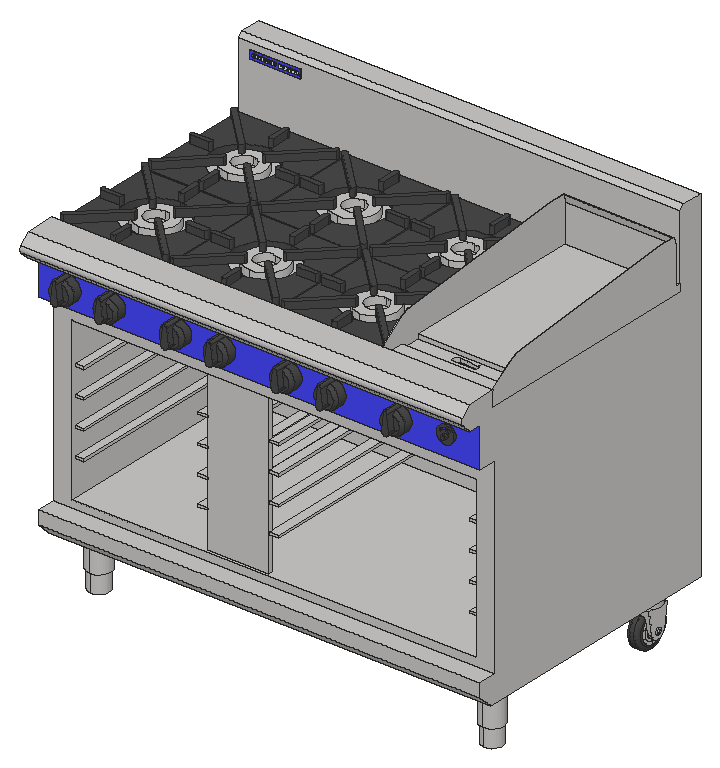
Revit family "QF_MOFFAT_BLUESEAL_CE_G518C-CB", category Specialty Equipment, Revit 2012
Parameters
  Weight in Pounds = 435  # constant formula
  URL Cutsheet = "www.moffat.com"
  URL = "www.moffat.com"
  Type Mark [instance] = ""
  Status [instance] = ""
  Specification by User [instance] = ""
  Specification by Manufacturer = ""
  Show Logo [instance] = yes
  Show Casters [instance] = yes
  Serial Number = ""
  Seismic Rating = ""
  SMACNA No = ""
  Revision Code [instance] = ""
  Omniclass Number and Title = ""
  NAFEM Spec ID Number = ""
  Model = "G518C-CB"
  Mechanical Remarks [instance] = ""
  Mechanical Connection Type [instance] = ""
  Masterspec = ""
  Manufacturer = "MOFFAT BLUESEAL"
  Legs [instance] = not(Show Casters)  # no
  Item Number [instance] = ""
  Installed By [instance] = ""
  Identify Quantity as Lot [instance] = yes
  Gas Size = 3/4"
  Gas RI Height [instance] = 0.0 mm
  Gas KW [instance] = 48
  Gas Input [instance] = 165000.0 Btu/h
  Gas Connection Height = 0.0 mm
  Furnished By [instance] = ""
  Foodservice Equipment Identifier [instance] = yes
  Description = "1200MM GAS COOK TOP ON CABINET BASE"
  CSI MasterFormat = ""
  CSI Master Format = ""
  Body Height [instance] = 915.0 mm
  Base Height [instance] = 150.0 mm
Reference planes
  plane 1 "BACK": y = 0
  plane 2: z = 0
  plane 3 "LEFT": x = 0
  plane 4 "RIGHT": x = 1200
  plane 5 "FRONT": y = -812
  plane 6 "TOP": z = 970
  plane 7 "Center Y": x = 600
  plane 8 "Center X": y = -406
  plane 9 "Base Height": z = 150
  plane 10: x = 1134
  plane 11: x = 65
  plane 12: z = 915
  plane 13: z = 1085
  plane 14: y = -100
  plane 15: y = -625
Forms (mm)
  Extrusion 1, solid, material "QF_Finishes_Stainless Steel"
    sketch origin (0, 0, 0) x (0, 1, 0) y (0, 0, 1)
      loop
        line (0, 150) -> (0, 1085) -> (-57.5, 1085) -> (-70, 1072.5) -> (-70, 875) -> (-705, 875) -> (-705, 915) -> (-783.97, 915) -> (-808.485, 890.485)
        arc (-808.485, 890.485) -> (-811.999, 882) -> (-808.485, 873.515) r 12
        line (-808.485, 873.515) -> (-784.97, 850) -> (-749, 850) -> (-749, 740) -> (-135.7, 740) -> (-135.7, 150) -> (0, 150)
      loop
        line (-699, 222.5) -> (-749, 222.5) -> (-749, 186) -> (-713, 150) -> (-699, 150) -> (-699, 222.5)
    from 0 to 1200
  Extrusion 2, solid, material "QF_Finishes_Stainless Steel"
    sketch origin (705, 3, 100) x (1, 0, 0) y (0, 1, 0)
      loop
        circle (365, -35) r 13.5
    from 555 to 599.856
  Revolve 3, solid, material "QF_Finishes_Black"
    sketch origin (89.999, 7, 759.972) x (0, 1, 0) y (0, 0, -1)
      loop
        line (-789, -69.5) -> (-766, -69.5) -> (-766, -42) -> (-756, -42) -> (-756, -37) -> (-800, -37) -> (-800, -63.651) -> (-789, -69.5)
      axis (-800, -37) -> (-756, -37)
    angle from 0 to 360
  Extrusion 4, solid, material "QF_Finishes_Black"
    sketch origin (228.269, 0, 760.13) x (-1, 0, 0) y (0, 0, -1)
      loop
        line (127.85, -26.064) -> (133.27, -68.983)
        arc (133.27, -68.983) -> (138.269, -73.87) -> (143.267, -68.983) r 5
        line (143.267, -68.983) -> (148.756, -24.898)
        arc (148.756, -24.898) -> (137.684, -14.399) -> (127.85, -26.064) r 10.487
    from 759 to 808
  Revolve 5, solid, material "QF_Finishes_Stainless Steel"
    sketch origin (65, -728, 0) x (0, 1, 0) y (0, 0, 1)
      loop
        line (71.25, 150) -> (71.25, 50) -> (75.5, 50) -> (75.5, 0) -> (103, 0) -> (103, 150) -> (71.25, 150)
      axis (103, 150) -> (103, 0)
    angle from 0 to 360
  Revolve 6, solid, material "QF_Finishes_Stainless Steel"
    sketch origin (1134, -728, 0) x (0, 1, 0) y (0, 0, -1)
      loop
        line (71.25, -150) -> (103, -150) -> (103, 0) -> (75.5, 0) -> (75.5, -50) -> (71.25, -50) -> (71.25, -150)
      axis (103, -150) -> (103, 0)
    angle from 0 to 360
  Extrusion 7, solid, material "QF_Finishes_Stainless Steel"
    sketch origin (0, 0, 0) x (1, 0, 0) y (0, 0, 1)
      loop
        line (0, 740) -> (0, 150) -> (1200, 150) -> (1200, 740) -> (0, 740)
      loop
        line (50, 680) -> (50, 242.5) -> (1150, 242.5) -> (1150, 680) -> (50, 680)
    from 135.7 to 699
  Extrusion 8, void
    sketch origin (0, 0, 150) x (-1, 0, 0) y (0, -1, 0)
      loop
        line (-1133.988, 87.26) -> (-1133.988, -30.24) -> (-1004.488, -30.24) -> (-1004.488, 38.76) -> (-1052.988, 87.26) -> (-1133.988, 87.26)
    from 72.5 to 549.856
  Extrusion 9, solid, material "QF_Finishes_Stainless Steel"
    sketch origin (0, -135.7, 735) x (0, 0, 1) y (-1, 0, 0)
      loop
        line (-50, -578.5) -> (-50, -412.5) -> (-492.5, -412.5) -> (-492.5, -578.5) -> (-50, -578.5)
    from 543.302 to 553.302
  Extrusion 10, solid, material "QF_Finishes_Stainless Steel"
    sketch origin (0, -135.7, 735) x (0, 0, 1) y (-1, 0, 0)
      loop
        line (-246.25, -410.75) -> (-239.9, -410.75) -> (-239.9, -385.75) -> (-246.25, -385.75) -> (-246.25, -410.75)
      loop
        line (-321.25, -410.75) -> (-314.9, -410.75) -> (-314.9, -385.75) -> (-321.25, -385.75) -> (-321.25, -410.75)
      loop
        line (-321.25, -50) -> (-321.25, -75) -> (-314.9, -75) -> (-314.9, -50) -> (-321.25, -50)
      loop
        line (-239.9, -75) -> (-239.9, -50) -> (-246.25, -50) -> (-246.25, -75) -> (-239.9, -75)
      loop
        line (-396.25, -410.75) -> (-389.9, -410.75) -> (-389.9, -385.75) -> (-396.25, -385.75) -> (-396.25, -410.75)
      loop
        line (-396.25, -50) -> (-396.25, -75) -> (-389.9, -75) -> (-389.9, -50) -> (-396.25, -50)
      loop
        line (-171.25, -410.75) -> (-164.9, -410.75) -> (-164.9, -385.75) -> (-171.25, -385.75) -> (-171.25, -410.75)
      loop
        line (-164.9, -75) -> (-164.9, -50) -> (-171.25, -50) -> (-171.25, -75) -> (-164.9, -75)
      loop
        line (-246.25, -579.25) -> (-246.25, -604.25) -> (-239.9, -604.25) -> (-239.9, -579.25) -> (-246.25, -579.25)
      loop
        line (-321.25, -579.25) -> (-321.25, -604.25) -> (-314.9, -604.25) -> (-314.9, -579.25) -> (-321.25, -579.25)
      loop
        line (-321.25, -1150) -> (-314.9, -1150) -> (-314.9, -1125) -> (-321.25, -1125) -> (-321.25, -1150)
      loop
        line (-239.9, -1125) -> (-246.25, -1125) -> (-246.25, -1150) -> (-239.9, -1150) -> (-239.9, -1125)
      loop
        line (-396.25, -579.25) -> (-396.25, -604.25) -> (-389.9, -604.25) -> (-389.9, -579.25) -> (-396.25, -579.25)
      loop
        line (-396.25, -1150) -> (-389.9, -1150) -> (-389.9, -1125) -> (-396.25, -1125) -> (-396.25, -1150)
      loop
        line (-171.25, -579.25) -> (-171.25, -604.25) -> (-164.9, -604.25) -> (-164.9, -579.25) -> (-171.25, -579.25)
      loop
        line (-164.9, -1125) -> (-171.25, -1125) -> (-171.25, -1150) -> (-164.9, -1150) -> (-164.9, -1125)
    from 0 to 553.302
  Revolve 11, solid, material "QF_Finishes_Black"
    sketch origin (510.001, 7, 760.028) x (0, 1, 0) y (0, 0, -1)
      loop
        line (-789, -69.5) -> (-766, -69.5) -> (-766, -42) -> (-756, -42) -> (-756, -37) -> (-800, -37) -> (-800, -63.651) -> (-789, -69.5)
      axis (-800, -37) -> (-756, -37)
    angle from 0 to 360
  Extrusion 12, solid, material "QF_Finishes_Black"
    sketch origin (648.27, 0, 760.186) x (-1, 0, 0) y (0, 0, -1)
      loop
        line (127.85, -26.064) -> (133.27, -68.983)
        arc (133.27, -68.983) -> (138.269, -73.87) -> (143.267, -68.983) r 5
        line (143.267, -68.983) -> (148.756, -24.898)
        arc (148.756, -24.898) -> (137.684, -14.399) -> (127.85, -26.064) r 10.487
    from 759 to 808
  Revolve 13, solid, material "QF_Finishes_Black"
    sketch origin (390, 7, 760) x (0, 1, 0) y (0, 0, -1)
      loop
        line (-789, -69.5) -> (-766, -69.5) -> (-766, -42) -> (-756, -42) -> (-756, -37) -> (-800, -37) -> (-800, -63.651) -> (-789, -69.5)
      axis (-800, -37) -> (-756, -37)
    angle from 0 to 360
  Extrusion 14, solid, material "QF_Finishes_Black"
    sketch origin (528.27, 0, 760.158) x (-1, 0, 0) y (0, 0, -1)
      loop
        line (127.85, -26.064) -> (133.27, -68.983)
        arc (133.27, -68.983) -> (138.269, -73.87) -> (143.267, -68.983) r 5
        line (143.267, -68.983) -> (148.756, -24.898)
        arc (148.756, -24.898) -> (137.684, -14.399) -> (127.85, -26.064) r 10.487
    from 759 to 808
  Revolve 15, solid, material "QF_Finishes_Black"
    sketch origin (690, 7, 760) x (0, 1, 0) y (0, 0, -1)
      loop
        line (-789, -69.5) -> (-766, -69.5) -> (-766, -42) -> (-756, -42) -> (-756, -37) -> (-800, -37) -> (-800, -63.651) -> (-789, -69.5)
      axis (-800, -37) -> (-756, -37)
    angle from 0 to 360
  Extrusion 16, solid, material "QF_Finishes_Black"
    sketch origin (828.27, 0, 760.158) x (-1, 0, 0) y (0, 0, -1)
      loop
        line (127.85, -26.064) -> (133.27, -68.983)
        arc (133.27, -68.983) -> (138.269, -73.87) -> (143.267, -68.983) r 5
        line (143.267, -68.983) -> (148.756, -24.898)
        arc (148.756, -24.898) -> (137.684, -14.399) -> (127.85, -26.064) r 10.487
    from 759 to 808
  Revolve 17, solid, material "QF_Finishes_Black"
    sketch origin (990, 7, 760) x (0, 1, 0) y (0, 0, -1)
      loop
        line (-789, -69.5) -> (-766, -69.5) -> (-766, -42) -> (-756, -42) -> (-756, -37) -> (-800, -37) -> (-800, -63.651) -> (-789, -69.5)
      axis (-800, -37) -> (-756, -37)
    angle from 0 to 360
  Extrusion 18, solid, material "QF_Finishes_Black"
    sketch origin (1128.27, 0, 760.158) x (-1, 0, 0) y (0, 0, -1)
      loop
        line (127.85, -26.064) -> (133.27, -68.983)
        arc (133.27, -68.983) -> (138.269, -73.87) -> (143.267, -68.983) r 5
        line (143.267, -68.983) -> (148.756, -24.898)
        arc (148.756, -24.898) -> (137.684, -14.399) -> (127.85, -26.064) r 10.487
    from 759 to 808
  Revolve 19, solid, material "QF_Finishes_Stainless Steel", visible <- "Legs"
    sketch origin (65.5, -166, 0) x (0, 1, 0) y (0, 0, 1)
      loop
        line (34.25, 150) -> (34.25, 50) -> (38.5, 50) -> (38.5, 0) -> (66, 0) -> (66, 150) -> (34.25, 150)
      axis (66, 150) -> (66, 0)
    angle from 0 to 360
  Revolve 20, solid, material "QF_Finishes_Stainless Steel", visible <- "Show Casters"
    sketch origin (16.276, -100.755, -12.8) x (1, 0, 0) y (0, 0, 1)
      loop
        line (14.841, 63.604) -> (83.584, 63.604) -> (83.584, 67.109) -> (82.314, 68.379) -> (80.79, 68.379) -> (80.79, 71.826) -> (68.644, 71.826) -> (68.644, 81.79) -> (65.088, 83.843) -> (63.738, 92.179) -> (65.881, 92.179) -> (65.881, 98.529) -> (65.088, 98.529) -> (65.088, 104.879)
        arc (65.088, 104.879) -> (62.298, 111.614) -> (55.563, 114.404) r 9.525
        line (55.563, 114.404) -> (42.863, 114.404)
        arc (42.863, 114.404) -> (36.127, 111.614) -> (33.338, 104.879) r 9.525
        line (33.338, 104.879) -> (33.338, 98.529) -> (32.544, 98.529) -> (32.544, 92.179) -> (34.687, 92.179) -> (33.352, 83.932) -> (29.782, 81.871) -> (29.782, 71.826) -> (17.635, 71.826) -> (17.635, 68.379) -> (16.111, 68.379) -> (14.841, 67.109) -> (14.841, 63.604)
      axis (14.841, 63.604) -> (83.584, 63.604)
    angle from 0 to 360
  Extrusion 21, solid, material "QF_Finishes_Stainless Steel", visible <- "Show Casters"
    sketch origin (72.001, 132.353, -8.783) x (0, 1, 0) y (0, 0, 1)
      loop
        line (-200.603, 118.783) -> (-264.103, 118.783) -> (-251.746, 53.895)
        arc (-251.746, 53.895) -> (-232.353, 38.783) -> (-212.959, 53.895) r 20
        line (-212.959, 53.895) -> (-200.603, 118.783)
    from -35.667 to 22.923
  Revolve 22, solid, material "QF_Finishes_Stainless Steel", visible <- "Show Casters"
    sketch origin (65.5, -204, 0) x (0, 1, 0) y (0, 0, 1)
      loop
        line (68.25, 150) -> (68.25, 110) -> (104, 110) -> (104, 150) -> (68.25, 150)
      axis (104, 150) -> (104, 110)
    angle from 0 to 360
  Revolve 23, solid, material "QF_Finishes_Stainless Steel", visible <- "Legs"
    sketch origin (65.5, -166, 0) x (0, 1, 0) y (0, 0, 1)
      loop
        line (34.25, 150) -> (34.25, 50) -> (38.5, 50) -> (38.5, 0) -> (66, 0) -> (66, 150) -> (34.25, 150)
      axis (66, 150) -> (66, 0)
    angle from 0 to 360
  Revolve 24, solid, material "QF_Finishes_Stainless Steel", visible <- "Legs"
    sketch origin (1134.5, -166, 0) x (0, 1, 0) y (0, 0, -1)
      loop
        line (34.25, -150) -> (66, -150) -> (66, 0) -> (38.5, 0) -> (38.5, -50) -> (34.25, -50) -> (34.25, -150)
      axis (66, -150) -> (66, 0)
    angle from 0 to 360
  Revolve 25, solid, material "QF_Finishes_Stainless Steel", visible <- "Show Casters"
    sketch origin (1183.724, -100.755, -12.8) x (-1, 0, 0) y (0, 0, -1)
      loop
        line (14.841, -63.604) -> (14.841, -67.109) -> (16.111, -68.379) -> (17.635, -68.379) -> (17.635, -71.826) -> (29.782, -71.826) -> (29.782, -81.871) -> (33.352, -83.932) -> (34.687, -92.179) -> (32.544, -92.179) -> (32.544, -98.529) -> (33.338, -98.529) -> (33.338, -104.879)
        arc (33.338, -104.879) -> (36.127, -111.614) -> (42.863, -114.404) r 9.525
        line (42.863, -114.404) -> (55.563, -114.404)
        arc (55.563, -114.404) -> (62.298, -111.614) -> (65.088, -104.879) r 9.525
        line (65.088, -104.879) -> (65.088, -98.529) -> (65.881, -98.529) -> (65.881, -92.179) -> (63.738, -92.179) -> (65.088, -83.843) -> (68.644, -81.79) -> (68.644, -71.826) -> (80.79, -71.826) -> (80.79, -68.379) -> (82.314, -68.379) -> (83.584, -67.109) -> (83.584, -63.604) -> (14.841, -63.604)
      axis (14.841, -63.604) -> (83.584, -63.604)
    angle from 0 to 360
  Extrusion 26, solid, material "QF_Finishes_Stainless Steel", visible <- "Show Casters"
    sketch origin (1127.999, 132.353, -8.783) x (0, 1, 0) y (0, 0, -1)
      loop
        line (-200.603, -118.783) -> (-212.959, -53.895)
        arc (-212.959, -53.895) -> (-232.353, -38.783) -> (-251.746, -53.895) r 20
        line (-251.746, -53.895) -> (-264.103, -118.783) -> (-200.603, -118.783)
    from -35.667 to 22.923
  Revolve 27, solid, material "QF_Finishes_Stainless Steel", visible <- "Show Casters"
    sketch origin (1134.5, -204, 0) x (0, 1, 0) y (0, 0, -1)
      loop
        line (68.25, -150) -> (104, -150) -> (104, -110) -> (68.25, -110) -> (68.25, -150)
      axis (104, -150) -> (104, -110)
    angle from 0 to 360
  Revolve 28, solid, material "QF_Finishes_Stainless Steel", visible <- "Legs"
    sketch origin (1134.5, -166, 0) x (0, 1, 0) y (0, 0, -1)
      loop
        line (34.25, -150) -> (66, -150) -> (66, 0) -> (38.5, 0) -> (38.5, -50) -> (34.25, -50) -> (34.25, -150)
      axis (66, -150) -> (66, 0)
    angle from 0 to 360
  Extrusion 29, solid, material "QF_Finishes_Black"
    sketch origin (0, -749, 850) x (0, 0, -1) y (1, 0, 0)
      loop
        circle (53, 1110) r 23.9
      loop
        arc (45.641, 1118.419) -> (46.501, 1123.219) -> (41.701, 1124.079) r 3.448
        arc (41.701, 1124.079) -> (35.116, 1109.341) -> (42.919, 1095.209) r 18.095
        arc (42.919, 1095.209) -> (47.641, 1096.491) -> (46.326, 1101.204) r 3.448
        arc (46.326, 1101.204) -> (42.758, 1109.683) -> (45.641, 1118.419) r 13.109
    from 0 to 5
  Extrusion 30, solid, material "QF_Finishes_Black"
    sketch origin (0, -754, 850) x (0, 0, -1) y (1, 0, 0)
      loop
        circle (56.5, 1110) r 5.75
    from 0 to 10
  Revolve 31, solid, material "QF_Finishes_Black"
    sketch origin (210, 7, 760) x (0, 1, 0) y (0, 0, -1)
      loop
        line (-789, -69.5) -> (-766, -69.5) -> (-766, -42) -> (-756, -42) -> (-756, -37) -> (-800, -37) -> (-800, -63.651) -> (-789, -69.5)
      axis (-800, -37) -> (-756, -37)
    angle from 0 to 360
  Extrusion 32, solid, material "QF_Finishes_Black"
    sketch origin (348.27, 0, 760.158) x (-1, 0, 0) y (0, 0, -1)
      loop
        line (127.85, -26.064) -> (133.27, -68.983)
        arc (133.27, -68.983) -> (138.269, -73.87) -> (143.267, -68.983) r 5
        line (143.267, -68.983) -> (148.756, -24.898)
        arc (148.756, -24.898) -> (137.684, -14.399) -> (127.85, -26.064) r 10.487
    from 759 to 808
  Revolve 33, solid, material "QF_Finishes_Black"
    sketch origin (810.001, 7, 760.028) x (0, 1, 0) y (0, 0, -1)
      loop
        line (-789, -69.5) -> (-766, -69.5) -> (-766, -42) -> (-756, -42) -> (-756, -37) -> (-800, -37) -> (-800, -63.651) -> (-789, -69.5)
      axis (-800, -37) -> (-756, -37)
    angle from 0 to 360
  Extrusion 34, solid, material "QF_Finishes_Black"
    sketch origin (948.27, 0, 760.186) x (-1, 0, 0) y (0, 0, -1)
      loop
        line (127.85, -26.064) -> (133.27, -68.983)
        arc (133.27, -68.983) -> (138.269, -73.87) -> (143.267, -68.983) r 5
        line (143.267, -68.983) -> (148.756, -24.898)
        arc (148.756, -24.898) -> (137.684, -14.399) -> (127.85, -26.064) r 10.487
    from 759 to 808
Cuts and joins
  Extrusion 8 cuts Extrusion 1
  joined: Extrusion 1, Extrusion 7
Lines and regions (mm)
  Split face 1
    outline origin (1200, 0, 1085) x (-1, 0, 0) y (0, -1, 0)
      loop
        arc (1167.206, 18.385) -> (1175.866, 23.385) -> (1175.866, 33.385) r 10
        line (1175.866, 33.385) -> (1171.824, 40.385)
        arc (1171.824, 40.385) -> (1168.164, 44.045) -> (1163.164, 45.385) r 10
        line (1163.164, 45.385) -> (935.206, 45.385)
        arc (935.206, 45.385) -> (926.545, 40.385) -> (926.545, 30.385) r 10
        line (926.545, 30.385) -> (930.587, 23.385)
        arc (930.587, 23.385) -> (934.247, 19.725) -> (939.247, 18.385) r 10
        line (939.247, 18.385) -> (1167.206, 18.385)
  Split face 2
    outline origin (1200, 0, 1085) x (-1, 0, 0) y (0, -1, 0)
      loop
        arc (35.206, 45.385) -> (26.545, 40.385) -> (26.545, 30.385) r 10
        line (26.545, 30.385) -> (30.587, 23.385)
        arc (30.587, 23.385) -> (34.247, 19.725) -> (39.247, 18.385) r 10
        line (39.247, 18.385) -> (267.206, 18.385)
        arc (267.206, 18.385) -> (275.866, 23.385) -> (275.866, 33.385) r 10
        line (275.866, 33.385) -> (271.824, 40.385)
        arc (271.824, 40.385) -> (268.164, 44.045) -> (263.164, 45.385) r 10
        line (263.164, 45.385) -> (35.206, 45.385)
  Split face 3
    outline origin (1200, 0, 1085) x (-1, 0, 0) y (0, -1, 0)
      loop
        arc (335.206, 45.385) -> (326.545, 40.385) -> (326.545, 30.385) r 10
        line (326.545, 30.385) -> (330.587, 23.385)
        arc (330.587, 23.385) -> (334.247, 19.725) -> (339.247, 18.385) r 10
        line (339.247, 18.385) -> (567.206, 18.385)
        arc (567.206, 18.385) -> (575.866, 23.385) -> (575.866, 33.385) r 10
        line (575.866, 33.385) -> (571.824, 40.385)
        arc (571.824, 40.385) -> (568.164, 44.045) -> (563.164, 45.385) r 10
        line (563.164, 45.385) -> (335.206, 45.385)
  Split face 4
    outline origin (1200, 0, 1085) x (-1, 0, 0) y (0, -1, 0)
      loop
        arc (867.206, 18.385) -> (875.866, 23.385) -> (875.866, 33.385) r 10
        line (875.866, 33.385) -> (871.824, 40.385)
        arc (871.824, 40.385) -> (868.164, 44.045) -> (863.164, 45.385) r 10
        line (863.164, 45.385) -> (635.206, 45.385)
        arc (635.206, 45.385) -> (626.545, 40.385) -> (626.545, 30.385) r 10
        line (626.545, 30.385) -> (630.587, 23.385)
        arc (630.587, 23.385) -> (634.247, 19.725) -> (639.247, 18.385) r 10
        line (639.247, 18.385) -> (867.206, 18.385)
  symbolic lines
    curve 1: line (1200, -812, 0) -> (1200, 0, 0)
    curve 2: line (0, -812, 0) -> (1200, -812, 0)
    curve 3: line (0, 0, 0) -> (0, -812, 0)
    curve 12: line (632.794, -18.385, 0) -> (860.753, -18.385, 0)
    curve 13: line (560.753, -18.385, 0) -> (332.794, -18.385, 0)
    curve 14: arc (332.794, -18.385, 0) -> (324.134, -23.385, 0) -> (324.134, -33.385, 0) r 10
    curve 15: line (324.134, -33.385, 0) -> (328.176, -40.385, 0)
    curve 16: arc (328.176, -40.385, 0) -> (331.836, -44.045, 0) -> (336.836, -45.385, 0) r 10
    curve 17: line (336.836, -45.385, 0) -> (564.794, -45.385, 0)
    curve 18: arc (564.794, -45.385, 0) -> (573.455, -40.385, 0) -> (573.455, -30.385, 0) r 10
    curve 19: line (573.455, -30.385, 0) -> (569.413, -23.385, 0)
    curve 20: arc (569.413, -23.385, 0) -> (565.753, -19.725, 0) -> (560.753, -18.385, 0) r 10
    curve 21: line (32.794, -18.385, 0) -> (260.753, -18.385, 0)
    curve 22: arc (260.753, -18.385, 0) -> (265.753, -19.725, 0) -> (269.413, -23.385, 0) r 10
    curve 23: line (269.413, -23.385, 0) -> (273.455, -30.385, 0)
    curve 24: arc (273.455, -30.385, 0) -> (273.455, -40.385, 0) -> (264.794, -45.385, 0) r 10
    curve 25: line (264.794, -45.385, 0) -> (36.836, -45.385, 0)
    curve 26: arc (36.836, -45.385, 0) -> (31.836, -44.045, 0) -> (28.176, -40.385, 0) r 10
    curve 27: line (28.176, -40.385, 0) -> (24.134, -33.385, 0)
    curve 28: arc (24.134, -33.385, 0) -> (24.134, -23.385, 0) -> (32.794, -18.385, 0) r 10
    curve 29: line (932.794, -18.385, 0) -> (1160.753, -18.385, 0)
    curve 30: arc (1160.753, -18.385, 0) -> (1165.753, -19.725, 0) -> (1169.413, -23.385, 0) r 10
    curve 31: line (1169.413, -23.385, 0) -> (1173.455, -30.385, 0)
    curve 32: arc (1173.455, -30.385, 0) -> (1173.455, -40.385, 0) -> (1164.794, -45.385, 0) r 10
    curve 33: line (1164.794, -45.385, 0) -> (936.836, -45.385, 0)
    curve 34: arc (936.836, -45.385, 0) -> (931.836, -44.045, 0) -> (928.176, -40.385, 0) r 10
    curve 35: line (928.176, -40.385, 0) -> (924.134, -33.385, 0)
    curve 36: arc (924.134, -33.385, 0) -> (924.134, -23.385, 0) -> (932.794, -18.385, 0) r 10
    curve 37: line (636.836, -45.385, 0) -> (864.794, -45.385, 0)
    curve 38: arc (864.794, -45.385, 0) -> (873.455, -40.385, 0) -> (873.455, -30.385, 0) r 10
    curve 39: line (873.455, -30.385, 0) -> (869.413, -23.385, 0)
    curve 40: arc (869.413, -23.385, 0) -> (865.753, -19.725, 0) -> (860.753, -18.385, 0) r 10
    curve 41: line (860.753, -18.385, 0) -> (632.794, -18.385, 0)
    curve 42: arc (632.794, -18.385, 0) -> (624.134, -23.385, 0) -> (624.134, -33.385, 0) r 10
    curve 43: line (624.134, -33.385, 0) -> (628.176, -40.385, 0)
    curve 44: arc (628.176, -40.385, 0) -> (631.836, -44.045, 0) -> (636.836, -45.385, 0) r 10
    curve 45: line (0, 0, 0) -> (1200, 0, 0)
    curve 46: line (0, -783.97, 0) -> (1200, -783.97, 0)
    curve 47: line (-1, -705, 0) -> (1199, -705, 0)
    curve 48: line (0, -70, 0) -> (1200, -70, 0)
    curve 49: line (0, -57.5, 0) -> (1200, -57.5, 0)
  symbolic lines, style "SpecialityEquipmentHiddenLines", visible <- "Show Casters"
    curve 4: line (78.456, -46.735, 0) -> (105.952, -62.61, 0)
    curve 5: line (27.656, -134.723, 0) -> (78.456, -46.735, 0)
    curve 6: line (55.152, -150.598, 0) -> (27.656, -134.723, 0)
    curve 7: line (105.952, -62.61, 0) -> (55.152, -150.598, 0)
    curve 8: line (1148.456, -46.735, 0) -> (1175.952, -62.61, 0)
    curve 9: line (1097.656, -134.723, 0) -> (1148.456, -46.735, 0)
    curve 10: line (1125.152, -150.598, 0) -> (1097.656, -134.723, 0)
    curve 11: line (1175.952, -62.61, 0) -> (1125.152, -150.598, 0)
Dimensions and locks
  equal spacing: plane 3 "LEFT", plane 7 "Center Y", plane 4 "RIGHT"
  plane 3 "LEFT" to plane 4 "RIGHT" = 1200.0 mm
  equal spacing: plane 5 "FRONT", plane 8 "Center X", plane 1 "BACK"
  plane 5 "FRONT" to plane 1 "BACK" = 812.0 mm
  "Base Height": plane 9 "Base Height" to level
  plane 6 "TOP" to level = 970.0 mm
  plane 10 to plane 11 = 1069.0 mm
  level to Extrusion 2 = 655.0 mm
  Extrusion 8 to Extrusion 8 = 477.356 mm
  plane 13 to plane 2 = 1085.0 mm
  Extrusion 2 sketch curve to plane 1 "BACK" = 32.0 mm
  Revolve 20 sketch curve to Revolve 20 sketch curve = 50.8 mm
  Revolve 25 sketch curve to Revolve 25 sketch curve = 50.8 mm
  aligned and locked: level to plane 2
Automatic sketch dimensions
  curve 2 to plane 3 "LEFT" = 0.0 mm
  curve 2 to plane 4 "RIGHT" = 0.0 mm
  plane 5 "FRONT" to curve 3 = 0.0 mm
  plane 1 "BACK" to curve 3 = 0.0 mm
  curve 47 to plane 3 "LEFT" = 1.0 mm
  plane 3 "LEFT" to curve 27 = 24.134 mm
  plane 3 "LEFT" to curve 5 = 27.656 mm
  curve 28 to curve 27 = 4.041 mm
  curve 28 to curve 28 = 8.66 mm
  curve 26 to curve 25 = 8.66 mm
  curve 7 to plane 11 = 9.848 mm
  plane 11 to curve 4 = 13.456 mm
  plane 1 "BACK" to curve 22 = 28.385 mm
  curve 4 to curve 22 = 154.801 mm
  curve 22 to curve 25 = 4.041 mm
  plane 1 "BACK" to curve 23 = 23.385 mm
  curve 22 to curve 23 = 8.66 mm
  plane 1 "BACK" to curve 23 = 30.385 mm
  curve 22 to curve 23 = 4.041 mm
  curve 23 to curve 14 = 50.679 mm
  plane 1 "BACK" to curve 15 = 40.385 mm
  curve 15 to curve 15 = 4.041 mm
  curve 14 to curve 13 = 8.66 mm
  curve 15 to curve 17 = 8.66 mm
  curve 20 to plane 7 "Center Y" = 39.247 mm
  curve 20 to curve 17 = 4.041 mm
  curve 20 to curve 19 = 8.66 mm
  curve 19 to curve 18 = 4.041 mm
  plane 7 "Center Y" to curve 42 = 24.134 mm
  curve 42 to curve 44 = 4.041 mm
  curve 43 to curve 42 = 8.66 mm
  curve 44 to curve 37 = 8.66 mm
  plane 1 "BACK" to curve 40 = 18.385 mm
  curve 44 to curve 40 = 223.917 mm
  curve 40 to curve 38 = 4.041 mm
  curve 40 to curve 40 = 8.66 mm
  curve 39 to curve 38 = 4.041 mm
  plane 1 "BACK" to curve 35 = 33.385 mm
  curve 39 to curve 35 = 50.679 mm
  plane 1 "BACK" to curve 35 = 40.385 mm
  curve 36 to curve 35 = 4.041 mm
  curve 36 to curve 36 = 8.66 mm
  curve 36 to curve 34 = 4.041 mm
  curve 10 to plane 10 = 36.344 mm
  curve 11 to plane 10 = 8.848 mm
  plane 10 to curve 8 = 14.456 mm
  plane 10 to curve 29 = 26.753 mm
  curve 8 to curve 33 = 16.339 mm
  curve 29 to curve 30 = 8.66 mm
  curve 31 to curve 31 = 4.041 mm
  plane 4 "RIGHT" to curve 47 = 1.0 mm
  curve 46 to plane 5 "FRONT" = 28.03 mm
  curve 46 to curve 47 = 78.97 mm
  plane 14 to curve 7 = 50.598 mm
  plane 14 to curve 10 = 50.598 mm
  curve 10 to curve 10 = 15.875 mm
  curve 6 to curve 5 = 15.875 mm
  curve 48 to plane 14 = 30.0 mm
  curve 48 to curve 49 = 12.5 mm
  curve 37 to curve 12 = 27.0 mm
  curve 25 to curve 21 = 27.0 mm
  curve 16 to curve 15 = 5.0 mm
  curve 34 to curve 34 = 5.0 mm
  curve 25 to curve 27 = 5.0 mm
  curve 37 to curve 44 = 5.0 mm
  curve 33 to curve 32 = 10.0 mm
  curve 17 to curve 18 = 10.0 mm
  curve 37 to curve 38 = 10.0 mm
  curve 26 to curve 27 = 7.0 mm
  curve 16 to curve 14 = 7.0 mm  (x2)
  curve 43 to curve 43 = 7.0 mm
  curve 38 to curve 40 = 7.0 mm
  curve 18 to curve 20 = 7.0 mm
  curve 34 to curve 36 = 7.0 mm
  curve 32 to curve 30 = 7.0 mm
  Extrusion 1 sketch curve to plane 12 = 0.0 mm
  Extrusion 1 sketch curve to plane 9 "Base Height" = 0.0 mm  (x2)
  Extrusion 1 sketch curve to plane 13 = 0.0 mm
  Extrusion 1 sketch curve to plane 1 "BACK" = 0.0 mm
  Extrusion 1 sketch curve to plane 14 = 42.5 mm
  Extrusion 1 sketch curve to plane 13 = 12.5 mm
  Extrusion 1 sketch curve to Extrusion 1 sketch curve = 12.5 mm
  plane 14 to Extrusion 1 sketch curve = 35.7 mm
  plane 15 to Extrusion 1 sketch curve = 74.0 mm
  Extrusion 1 sketch curve to plane 12 = 40.0 mm
  plane 15 to Extrusion 1 sketch curve = 80.0 mm
  Extrusion 1 sketch curve to Extrusion 1 sketch curve = 14.0 mm
  Extrusion 1 sketch curve to plane 5 "FRONT" = 63.0 mm
  Extrusion 1 sketch curve to Extrusion 1 sketch curve = 50.0 mm
  Extrusion 1 sketch curve to plane 5 "FRONT" = 28.03 mm
  Extrusion 1 sketch curve to plane 5 "FRONT" = 27.03 mm
  Extrusion 1 sketch curve to plane 5 "FRONT" = 12.001 mm
  Extrusion 1 sketch curve to plane 5 "FRONT" = 3.515 mm  (x2)
  plane 9 "Base Height" to Extrusion 1 sketch curve = 36.0 mm
  Extrusion 1 sketch curve to Extrusion 1 sketch curve = 36.5 mm
  Extrusion 1 sketch curve to Extrusion 1 sketch curve = 135.0 mm
  Extrusion 1 sketch curve to Extrusion 1 sketch curve = 25.0 mm
  Extrusion 1 sketch curve to Extrusion 1 sketch curve = 23.515 mm
  Extrusion 1 sketch curve to Extrusion 1 sketch curve = 8.485 mm
  Extrusion 2 sketch curve to plane 10 = 64.0 mm
  Revolve 3 sketch curve to plane 5 "FRONT" = 19.0 mm
  Revolve 3 sketch curve to Revolve 3 sketch curve = 0.0 mm  (x2)
  Revolve 3 sketch curve to Revolve 3 sketch curve = 11.0 mm
  Revolve 3 sketch curve to Revolve 3 sketch curve = 12.7 mm
  Revolve 3 sketch curve to Revolve 3 sketch curve = 23.0 mm
  Revolve 3 sketch curve to Revolve 3 sketch curve = 10.0 mm
  Revolve 3 sketch curve to plane 12 = 85.528 mm
  Revolve 3 sketch curve to Revolve 3 sketch curve = 5.849 mm
  Revolve 3 sketch curve to Revolve 3 sketch curve = 27.5 mm
  Revolve 3 sketch curve to Revolve 3 sketch curve = 5.0 mm
  plane 11 to Extrusion 4 sketch curve = 35.419 mm
  plane 11 to Extrusion 4 sketch curve = 29.999 mm
  Extrusion 4 sketch curve to Extrusion 4 sketch curve = 10.419 mm
  Extrusion 4 sketch curve to Extrusion 4 sketch curve = 4.999 mm  (x2)
  Extrusion 4 sketch curve to Extrusion 4 sketch curve = 10.487 mm
  Extrusion 4 sketch curve to plane 12 = 85.887 mm
  Extrusion 4 sketch curve to Extrusion 4 sketch curve = 0.113 mm
  Extrusion 4 sketch curve to Extrusion 4 sketch curve = 42.919 mm
  Extrusion 4 sketch curve to Extrusion 4 sketch curve = 1.167 mm
  Revolve 5 sketch curve to plane 9 "Base Height" = 0.0 mm
  Revolve 5 sketch curve to level = 0.0 mm
  Revolve 5 sketch curve to plane 15 = 0.0 mm  (x2)
  plane 15 to Revolve 5 sketch curve = 27.5 mm
  plane 15 to Revolve 5 sketch curve = 31.75 mm
  Revolve 5 sketch curve to Revolve 5 sketch curve = 55.0 mm
  level to Revolve 5 sketch curve = 50.0 mm
  Revolve 5 sketch curve to Revolve 5 sketch curve = 0.0 mm
  Revolve 6 sketch curve to plane 9 "Base Height" = 0.0 mm
  Revolve 6 sketch curve to level = 0.0 mm
  Revolve 6 sketch curve to plane 15 = 0.0 mm  (x2)
  plane 15 to Revolve 6 sketch curve = 27.5 mm
  plane 15 to Revolve 6 sketch curve = 31.75 mm
  level to Revolve 6 sketch curve = 50.0 mm
  Revolve 6 sketch curve to Revolve 6 sketch curve = 0.0 mm
  Revolve 6 sketch curve to Revolve 6 sketch curve = 55.0 mm
  Extrusion 7 sketch curve to plane 3 "LEFT" = 0.0 mm
  plane 4 "RIGHT" to Extrusion 7 sketch curve = 0.0 mm
  Extrusion 7 sketch curve to plane 9 "Base Height" = 0.0 mm
  Extrusion 7 sketch curve to plane 11 = 15.0 mm
  plane 10 to Extrusion 7 sketch curve = 16.0 mm
  plane 9 "Base Height" to Extrusion 7 sketch curve = 92.5 mm
  Extrusion 7 sketch curve to plane 12 = 235.0 mm
  Extrusion 7 sketch curve to Extrusion 7 sketch curve = 60.0 mm
  Extrusion 8 sketch curve to plane 10 = 0.012 mm
  Extrusion 8 sketch curve to plane 14 = 12.74 mm
  Extrusion 8 sketch curve to Extrusion 8 sketch curve = 81.0 mm
  Extrusion 8 sketch curve to Extrusion 8 sketch curve = 48.5 mm
  plane 1 "BACK" to Extrusion 8 sketch curve = 38.76 mm
  Extrusion 8 sketch curve to plane 1 "BACK" = 30.24 mm
  Extrusion 9 sketch curve to Extrusion 1 = 92.5 mm
  Extrusion 1 to Extrusion 9 sketch curve = 55.0 mm
  Extrusion 1 to Extrusion 9 sketch curve = 578.5 mm
  Extrusion 9 sketch curve to Extrusion 9 sketch curve = 166.0 mm
  Extrusion 1 to Extrusion 10 sketch curve = 75.0 mm  (x2)
  Extrusion 10 sketch curve to Extrusion 1 = 188.75 mm  (x3)
  Extrusion 10 sketch curve to Extrusion 10 sketch curve = 0.0 mm  (x9)
  Extrusion 1 to Extrusion 10 sketch curve = 50.0 mm  (x4)
  Extrusion 10 sketch curve to Extrusion 10 sketch curve = 6.35 mm  (x16)
  Extrusion 10 sketch curve to Extrusion 10 sketch curve = 68.65 mm  (x12)
  Extrusion 10 sketch curve to Extrusion 10 sketch curve = 25.0 mm  (x16)
  Extrusion 10 sketch curve to Extrusion 10 sketch curve = 520.75 mm
  Extrusion 10 sketch curve to Extrusion 10 sketch curve = 168.5 mm
  Revolve 11 sketch curve to plane 5 "FRONT" = 19.0 mm
  Revolve 11 sketch curve to Revolve 11 sketch curve = 0.0 mm  (x2)
  Revolve 11 sketch curve to Revolve 11 sketch curve = 11.0 mm
  Revolve 11 sketch curve to Revolve 11 sketch curve = 12.7 mm
  Revolve 11 sketch curve to Revolve 11 sketch curve = 23.0 mm
  Revolve 11 sketch curve to Revolve 11 sketch curve = 10.0 mm
  Revolve 11 sketch curve to plane 12 = 85.472 mm
  Revolve 11 sketch curve to Revolve 11 sketch curve = 5.849 mm
  Revolve 11 sketch curve to Revolve 11 sketch curve = 27.5 mm
  Revolve 11 sketch curve to Revolve 11 sketch curve = 5.0 mm
  Extrusion 12 sketch curve to plane 7 "Center Y" = 79.579 mm
  Extrusion 12 sketch curve to Extrusion 12 sketch curve = 5.421 mm
  Extrusion 12 sketch curve to Extrusion 12 sketch curve = 10.419 mm
  Extrusion 12 sketch curve to Extrusion 12 sketch curve = 4.999 mm  (x2)
  Extrusion 12 sketch curve to plane 12 = 85.831 mm
  Extrusion 12 sketch curve to Extrusion 12 sketch curve = 10.487 mm
  Extrusion 12 sketch curve to Extrusion 12 sketch curve = 0.113 mm
  Extrusion 12 sketch curve to Extrusion 12 sketch curve = 42.919 mm
  Extrusion 12 sketch curve to Extrusion 12 sketch curve = 1.167 mm
  Revolve 13 sketch curve to plane 5 "FRONT" = 19.0 mm
  Revolve 13 sketch curve to Revolve 13 sketch curve = 0.0 mm  (x2)
  Revolve 13 sketch curve to Revolve 13 sketch curve = 11.0 mm
  Revolve 13 sketch curve to Revolve 13 sketch curve = 12.7 mm
  Revolve 13 sketch curve to Revolve 13 sketch curve = 23.0 mm
  Revolve 13 sketch curve to Revolve 13 sketch curve = 10.0 mm
  Revolve 13 sketch curve to plane 12 = 85.5 mm
  Revolve 13 sketch curve to Revolve 13 sketch curve = 5.849 mm
  Revolve 13 sketch curve to Revolve 13 sketch curve = 27.5 mm
  Revolve 13 sketch curve to Revolve 13 sketch curve = 5.0 mm
  Extrusion 14 sketch curve to plane 7 "Center Y" = 199.58 mm
  Extrusion 14 sketch curve to Extrusion 14 sketch curve = 5.421 mm
  Extrusion 14 sketch curve to Extrusion 14 sketch curve = 10.419 mm
  Extrusion 14 sketch curve to Extrusion 14 sketch curve = 4.999 mm  (x2)
  Extrusion 14 sketch curve to plane 12 = 85.859 mm
  Extrusion 14 sketch curve to Extrusion 14 sketch curve = 10.487 mm
  Extrusion 14 sketch curve to Extrusion 14 sketch curve = 0.113 mm
  Extrusion 14 sketch curve to Extrusion 14 sketch curve = 42.919 mm
  Extrusion 14 sketch curve to Extrusion 14 sketch curve = 1.167 mm
  Revolve 15 sketch curve to plane 5 "FRONT" = 19.0 mm
  Revolve 15 sketch curve to Revolve 15 sketch curve = 0.0 mm  (x2)
  Revolve 15 sketch curve to Revolve 15 sketch curve = 11.0 mm
  Revolve 15 sketch curve to Revolve 15 sketch curve = 12.7 mm
  Revolve 15 sketch curve to Revolve 15 sketch curve = 23.0 mm
  Revolve 15 sketch curve to Revolve 15 sketch curve = 10.0 mm
  Revolve 15 sketch curve to plane 12 = 85.5 mm
  Revolve 15 sketch curve to Revolve 15 sketch curve = 5.849 mm
  Revolve 15 sketch curve to Revolve 15 sketch curve = 27.5 mm
  Revolve 15 sketch curve to Revolve 15 sketch curve = 5.0 mm
  plane 7 "Center Y" to Extrusion 16 sketch curve = 100.42 mm
  Extrusion 16 sketch curve to Extrusion 16 sketch curve = 5.421 mm
  Extrusion 16 sketch curve to Extrusion 16 sketch curve = 10.419 mm
  Extrusion 16 sketch curve to Extrusion 16 sketch curve = 4.999 mm  (x2)
  Extrusion 16 sketch curve to Extrusion 16 sketch curve = 10.487 mm
  Extrusion 16 sketch curve to plane 12 = 85.859 mm
  Extrusion 16 sketch curve to Extrusion 16 sketch curve = 0.113 mm
  Extrusion 16 sketch curve to Extrusion 16 sketch curve = 42.919 mm
  Extrusion 16 sketch curve to Extrusion 16 sketch curve = 1.167 mm
  Revolve 17 sketch curve to plane 5 "FRONT" = 19.0 mm
  Revolve 17 sketch curve to Revolve 17 sketch curve = 0.0 mm  (x2)
  Revolve 17 sketch curve to Revolve 17 sketch curve = 11.0 mm
  Revolve 17 sketch curve to Revolve 17 sketch curve = 12.7 mm
  Revolve 17 sketch curve to Revolve 17 sketch curve = 23.0 mm
  Revolve 17 sketch curve to Revolve 17 sketch curve = 10.0 mm
  Revolve 17 sketch curve to plane 12 = 85.5 mm
  Revolve 17 sketch curve to Revolve 17 sketch curve = 5.849 mm
  Revolve 17 sketch curve to Revolve 17 sketch curve = 27.5 mm
  Revolve 17 sketch curve to Revolve 17 sketch curve = 5.0 mm
  Extrusion 18 sketch curve to plane 10 = 133.58 mm
  Extrusion 18 sketch curve to Extrusion 18 sketch curve = 5.421 mm
  Extrusion 18 sketch curve to Extrusion 18 sketch curve = 10.419 mm
  Extrusion 18 sketch curve to Extrusion 18 sketch curve = 4.999 mm  (x2)
  Extrusion 18 sketch curve to plane 12 = 85.859 mm
  Extrusion 18 sketch curve to Extrusion 18 sketch curve = 10.487 mm
  Extrusion 18 sketch curve to Extrusion 18 sketch curve = 0.113 mm
  Extrusion 18 sketch curve to Extrusion 18 sketch curve = 42.919 mm
  Extrusion 18 sketch curve to Extrusion 18 sketch curve = 1.167 mm
  Split face 1 sketch curve to cut or joined group of Extrusion 1, Extrusion 7, Extrusion 8 = 27.115 mm
  Split face 1 sketch curve to cut or joined group of Extrusion 1, Extrusion 7, Extrusion 8 = 273.455 mm
  Split face 1 sketch curve to Split face 1 sketch curve = 4.041 mm  (x4)
  Split face 1 sketch curve to Split face 1 sketch curve = 8.66 mm  (x2)
  Split face 1 sketch curve to cut or joined group of Extrusion 1, Extrusion 7, Extrusion 8 = 12.115 mm
  Split face 1 sketch curve to cut or joined group of Extrusion 1, Extrusion 7, Extrusion 8 = 36.836 mm
  Split face 1 sketch curve to Split face 1 sketch curve = 7.0 mm  (x3)
  Split face 1 sketch curve to Split face 1 sketch curve = 17.0 mm
  Split face 2 sketch curve to cut or joined group of Extrusion 1, Extrusion 7, Extrusion 8 = 26.545 mm
  Split face 2 sketch curve to Split face 2 sketch curve = 4.041 mm  (x4)
  Split face 2 sketch curve to Split face 2 sketch curve = 8.66 mm  (x2)
  Split face 2 sketch curve to cut or joined group of Extrusion 1, Extrusion 7, Extrusion 8 = 22.115 mm
  Split face 2 sketch curve to Split face 2 sketch curve = 223.917 mm
  Split face 2 sketch curve to cut or joined group of Extrusion 1, Extrusion 7, Extrusion 8 = 17.115 mm
  Split face 2 sketch curve to Split face 2 sketch curve = 10.0 mm
  Split face 2 sketch curve to Split face 2 sketch curve = 7.0 mm  (x3)
  Split face 3 sketch curve to cut or joined group of Extrusion 1, Extrusion 7, Extrusion 8 = 27.115 mm
  Split face 3 sketch curve to cut or joined group of Extrusion 1, Extrusion 7, Extrusion 8 = 326.545 mm
  Split face 3 sketch curve to cut or joined group of Extrusion 1, Extrusion 7, Extrusion 8 = 23.385 mm
  Split face 3 sketch curve to Split face 3 sketch curve = 4.041 mm  (x3)
  Split face 3 sketch curve to Split face 3 sketch curve = 8.66 mm  (x3)
  Split face 3 sketch curve to cut or joined group of Extrusion 1, Extrusion 7, Extrusion 8 = 12.115 mm
  Split face 3 sketch curve to Split face 3 sketch curve = 223.917 mm
  Split face 3 sketch curve to cut or joined group of Extrusion 1, Extrusion 7, Extrusion 8 = 17.115 mm
  Split face 3 sketch curve to cut or joined group of Extrusion 1, Extrusion 7, Extrusion 8 = 24.115 mm
  Split face 3 sketch curve to Split face 3 sketch curve = 5.0 mm
  Split face 4 sketch curve to cut or joined group of Extrusion 1, Extrusion 7, Extrusion 8 = 27.115 mm
  Split face 4 sketch curve to cut or joined group of Extrusion 1, Extrusion 7, Extrusion 8 = 573.455 mm
  Split face 4 sketch curve to Split face 4 sketch curve = 4.041 mm  (x4)
  Split face 4 sketch curve to Split face 4 sketch curve = 8.66 mm  (x2)
  Split face 4 sketch curve to cut or joined group of Extrusion 1, Extrusion 7, Extrusion 8 = 12.115 mm
  Split face 4 sketch curve to Split face 4 sketch curve = 223.917 mm
  Split face 4 sketch curve to Split face 4 sketch curve = 7.0 mm  (x3)
  Split face 4 sketch curve to Split face 4 sketch curve = 17.0 mm
  Revolve 19 sketch curve to plane 9 "Base Height" = 0.0 mm
  Revolve 19 sketch curve to level = 0.0 mm
  Revolve 19 sketch curve to plane 14 = 0.0 mm  (x2)
  Revolve 19 sketch curve to Revolve 19 sketch curve = 27.5 mm
  Revolve 19 sketch curve to Revolve 19 sketch curve = 31.75 mm
  Revolve 19 sketch curve to Revolve 19 sketch curve = 55.0 mm
  level to Revolve 19 sketch curve = 50.0 mm
  Revolve 19 sketch curve to Revolve 19 sketch curve = 0.0 mm
  plane 3 "LEFT" to Revolve 20 sketch curve = 31.118 mm
  Revolve 20 sketch curve to Revolve 20 sketch curve = 1.27 mm  (x4)
  Revolve 20 sketch curve to Revolve 20 sketch curve = 1.524 mm  (x2)
  Revolve 20 sketch curve to Revolve 20 sketch curve = 12.146 mm  (x2)
  Revolve 20 sketch curve to plane 11 = 16.18 mm
  Revolve 20 sketch curve to Revolve 20 sketch curve = 0.794 mm  (x2)
  Revolve 20 sketch curve to Revolve 20 sketch curve = 3.57 mm
  Revolve 20 sketch curve to Revolve 20 sketch curve = 2.143 mm
  Revolve 20 sketch curve to plane 11 = 5.861 mm
  plane 11 to Revolve 20 sketch curve = 5.63 mm
  plane 11 to Revolve 20 sketch curve = 6.839 mm
  plane 11 to Revolve 20 sketch curve = 15.015 mm
  Revolve 20 sketch curve to Revolve 20 sketch curve = 1.349 mm  (x2)
  Revolve 20 sketch curve to Revolve 20 sketch curve = 3.556 mm
  Revolve 20 sketch curve to Revolve 20 sketch curve = 33.32 mm
  level to Revolve 20 sketch curve = 50.804 mm
  Revolve 20 sketch curve to Revolve 20 sketch curve = 0.0 mm
  Revolve 20 sketch curve to Revolve 20 sketch curve = 3.505 mm  (x2)
  Revolve 20 sketch curve to Revolve 20 sketch curve = 3.447 mm  (x2)
  Revolve 20 sketch curve to Revolve 20 sketch curve = 9.964 mm
  Revolve 20 sketch curve to Revolve 20 sketch curve = 10.045 mm
  Revolve 20 sketch curve to Revolve 20 sketch curve = 2.053 mm
  Revolve 20 sketch curve to Revolve 20 sketch curve = 2.061 mm
  Revolve 20 sketch curve to Revolve 20 sketch curve = 8.247 mm
  Revolve 20 sketch curve to Revolve 20 sketch curve = 8.336 mm
  Revolve 20 sketch curve to Revolve 20 sketch curve = 6.35 mm  (x2)
  Extrusion 21 sketch curve to plane 14 = 0.0 mm
  plane 14 to Extrusion 21 sketch curve = 19.393 mm
  plane 14 to Extrusion 21 sketch curve = 31.75 mm
  Extrusion 21 sketch curve to plane 14 = 19.393 mm
  Extrusion 21 sketch curve to plane 14 = 31.75 mm
  level to Extrusion 21 sketch curve = 45.111 mm
  Extrusion 21 sketch curve to Extrusion 21 sketch curve = 4.889 mm
  Extrusion 21 sketch curve to plane 9 "Base Height" = 40.0 mm
  Revolve 22 sketch curve to plane 9 "Base Height" = 0.0 mm
  Revolve 22 sketch curve to plane 14 = 0.0 mm  (x2)
  plane 14 to Revolve 22 sketch curve = 35.75 mm
  Revolve 22 sketch curve to plane 9 "Base Height" = 40.0 mm
  level to Revolve 22 sketch curve = 50.0 mm
  Revolve 22 sketch curve to level = 55.0 mm
  Revolve 23 sketch curve to plane 9 "Base Height" = 0.0 mm
  Revolve 23 sketch curve to level = 0.0 mm
  Revolve 23 sketch curve to plane 14 = 0.0 mm  (x2)
  Revolve 23 sketch curve to Revolve 23 sketch curve = 27.5 mm
  Revolve 23 sketch curve to Revolve 23 sketch curve = 31.75 mm
  Revolve 23 sketch curve to Revolve 23 sketch curve = 55.0 mm
  level to Revolve 23 sketch curve = 50.0 mm
  Revolve 23 sketch curve to Revolve 23 sketch curve = 0.0 mm
  Revolve 24 sketch curve to plane 9 "Base Height" = 0.0 mm
  Revolve 24 sketch curve to level = 0.0 mm
  Revolve 24 sketch curve to plane 14 = 0.0 mm  (x2)
  Revolve 24 sketch curve to Revolve 24 sketch curve = 27.5 mm
  Revolve 24 sketch curve to Revolve 24 sketch curve = 31.75 mm
  level to Revolve 24 sketch curve = 50.0 mm
  Revolve 24 sketch curve to Revolve 24 sketch curve = 0.0 mm
  Revolve 24 sketch curve to Revolve 24 sketch curve = 55.0 mm
  plane 4 "RIGHT" to Revolve 25 sketch curve = 31.118 mm
  Revolve 25 sketch curve to Revolve 25 sketch curve = 1.27 mm  (x4)
  Revolve 25 sketch curve to Revolve 25 sketch curve = 1.524 mm  (x2)
  Revolve 25 sketch curve to Revolve 25 sketch curve = 12.146 mm  (x2)
  Revolve 25 sketch curve to Revolve 25 sketch curve = 2.762 mm
  Revolve 25 sketch curve to Revolve 25 sketch curve = 0.794 mm  (x2)
  Revolve 25 sketch curve to Revolve 25 sketch curve = 3.57 mm
  Revolve 25 sketch curve to Revolve 25 sketch curve = 2.143 mm
  plane 10 to Revolve 25 sketch curve = 6.861 mm
  Revolve 25 sketch curve to plane 10 = 4.63 mm
  Revolve 25 sketch curve to plane 10 = 5.839 mm
  Revolve 25 sketch curve to plane 10 = 14.015 mm
  Revolve 25 sketch curve to Revolve 25 sketch curve = 1.349 mm  (x2)
  Revolve 25 sketch curve to Revolve 25 sketch curve = 3.556 mm
  Revolve 25 sketch curve to Revolve 25 sketch curve = 33.32 mm
  Revolve 25 sketch curve to plane 9 "Base Height" = 48.396 mm
  Revolve 25 sketch curve to Revolve 25 sketch curve = 6.35 mm  (x4)
  Revolve 25 sketch curve to Revolve 25 sketch curve = 8.247 mm
  Revolve 25 sketch curve to Revolve 25 sketch curve = 8.336 mm
  Revolve 25 sketch curve to Revolve 25 sketch curve = 2.061 mm
  Revolve 25 sketch curve to Revolve 25 sketch curve = 2.053 mm
  Revolve 25 sketch curve to Revolve 25 sketch curve = 10.045 mm
  Revolve 25 sketch curve to Revolve 25 sketch curve = 9.964 mm
  Revolve 25 sketch curve to Revolve 25 sketch curve = 3.447 mm  (x2)
  Revolve 25 sketch curve to Revolve 25 sketch curve = 3.505 mm
  Extrusion 26 sketch curve to plane 14 = 0.0 mm
  plane 14 to Extrusion 26 sketch curve = 19.393 mm
  plane 14 to Extrusion 26 sketch curve = 31.75 mm
  Extrusion 26 sketch curve to plane 14 = 19.393 mm
  Extrusion 26 sketch curve to plane 14 = 31.75 mm
  Extrusion 26 sketch curve to plane 9 "Base Height" = 40.0 mm
  level to Extrusion 26 sketch curve = 50.0 mm
  Extrusion 26 sketch curve to Extrusion 26 sketch curve = 4.889 mm
  Revolve 27 sketch curve to plane 9 "Base Height" = 0.0 mm
  Revolve 27 sketch curve to plane 14 = 0.0 mm  (x2)
  plane 14 to Revolve 27 sketch curve = 35.75 mm
  Revolve 27 sketch curve to plane 9 "Base Height" = 40.0 mm
  level to Revolve 27 sketch curve = 50.0 mm
  Revolve 27 sketch curve to level = 55.0 mm
  Revolve 28 sketch curve to plane 9 "Base Height" = 0.0 mm
  Revolve 28 sketch curve to level = 0.0 mm
  Revolve 28 sketch curve to plane 14 = 0.0 mm  (x2)
  Revolve 28 sketch curve to Revolve 28 sketch curve = 27.5 mm
  Revolve 28 sketch curve to Revolve 28 sketch curve = 31.75 mm
  level to Revolve 28 sketch curve = 50.0 mm
  Revolve 28 sketch curve to Revolve 28 sketch curve = 0.0 mm
  Revolve 28 sketch curve to Revolve 28 sketch curve = 55.0 mm
  Extrusion 1 to Extrusion 29 sketch curve = 41.701 mm
  Extrusion 29 sketch curve to Extrusion 29 sketch curve = 1.218 mm
  Extrusion 29 sketch curve to Extrusion 29 sketch curve = 1.97 mm  (x2)
  Extrusion 29 sketch curve to Extrusion 29 sketch curve = 1.724 mm
  Extrusion 29 sketch curve to Extrusion 29 sketch curve = 1.683 mm
  Extrusion 29 sketch curve to Extrusion 29 sketch curve = 6.674 mm
  Extrusion 29 sketch curve to Extrusion 29 sketch curve = 0.195 mm
  Extrusion 29 sketch curve to Extrusion 29 sketch curve = 2.662 mm
  Extrusion 1 to Extrusion 29 sketch curve = 104.791 mm
  Extrusion 29 sketch curve to Extrusion 29 sketch curve = 2.986 mm
  Extrusion 29 sketch curve to Extrusion 29 sketch curve = 8.796 mm
  Extrusion 29 sketch curve to Extrusion 29 sketch curve = 0.103 mm
  Extrusion 29 sketch curve to Extrusion 29 sketch curve = 0.102 mm
  Revolve 31 sketch curve to plane 5 "FRONT" = 19.0 mm
  Revolve 31 sketch curve to Revolve 31 sketch curve = 0.0 mm  (x2)
  Revolve 31 sketch curve to Revolve 31 sketch curve = 11.0 mm
  Revolve 31 sketch curve to Revolve 31 sketch curve = 12.7 mm
  Revolve 31 sketch curve to Revolve 31 sketch curve = 23.0 mm
  Revolve 31 sketch curve to Revolve 31 sketch curve = 10.0 mm
  Revolve 31 sketch curve to plane 12 = 85.5 mm
  Revolve 31 sketch curve to Revolve 31 sketch curve = 5.849 mm
  Revolve 31 sketch curve to Revolve 31 sketch curve = 27.5 mm
  Revolve 31 sketch curve to Revolve 31 sketch curve = 5.0 mm
  plane 11 to Extrusion 32 sketch curve = 155.42 mm
  Extrusion 32 sketch curve to Extrusion 32 sketch curve = 5.421 mm
  Extrusion 32 sketch curve to Extrusion 32 sketch curve = 10.419 mm
  Extrusion 32 sketch curve to Extrusion 32 sketch curve = 4.999 mm  (x2)
  Extrusion 32 sketch curve to plane 12 = 85.859 mm
  Extrusion 32 sketch curve to Extrusion 32 sketch curve = 10.487 mm
  Extrusion 32 sketch curve to Extrusion 32 sketch curve = 0.113 mm
  Extrusion 32 sketch curve to Extrusion 32 sketch curve = 42.919 mm
  Extrusion 32 sketch curve to Extrusion 32 sketch curve = 1.167 mm
  Revolve 33 sketch curve to plane 5 "FRONT" = 19.0 mm
  Revolve 33 sketch curve to Revolve 33 sketch curve = 0.0 mm  (x2)
  Revolve 33 sketch curve to Revolve 33 sketch curve = 11.0 mm
  Revolve 33 sketch curve to Revolve 33 sketch curve = 12.7 mm
  Revolve 33 sketch curve to Revolve 33 sketch curve = 23.0 mm
  Revolve 33 sketch curve to Revolve 33 sketch curve = 10.0 mm
  Revolve 33 sketch curve to plane 12 = 85.472 mm
  Revolve 33 sketch curve to Revolve 33 sketch curve = 5.849 mm
  Revolve 33 sketch curve to Revolve 33 sketch curve = 27.5 mm
  Revolve 33 sketch curve to Revolve 33 sketch curve = 5.0 mm
  plane 7 "Center Y" to Extrusion 34 sketch curve = 220.421 mm
  Extrusion 34 sketch curve to Extrusion 34 sketch curve = 5.421 mm
  Extrusion 34 sketch curve to Extrusion 34 sketch curve = 10.419 mm
  Extrusion 34 sketch curve to Extrusion 34 sketch curve = 4.999 mm  (x2)
  Extrusion 34 sketch curve to plane 12 = 85.831 mm
  Extrusion 34 sketch curve to Extrusion 34 sketch curve = 10.487 mm
  Extrusion 34 sketch curve to Extrusion 34 sketch curve = 0.113 mm
  Extrusion 34 sketch curve to Extrusion 34 sketch curve = 42.919 mm
  Extrusion 34 sketch curve to Extrusion 34 sketch curve = 1.167 mm
  radius of Extrusion 2 sketch curve = 13.5 mm
  radius of Extrusion 29 sketch curve = 23.9 mm
  radius of Extrusion 30 sketch curve = 5.75 mm
Nested families
  nested 1: "WALDORF LOGO_FACE BASE" at (32, -70, 1056.885) x (1, 0, 0) z (0, -1, 0), visible <- "Show Logo", type "WALDORF LOGO_FACE BASE", detail levels medium+fine
    with Show Logo yes
  nested 2: "GAS BURNER 900 & GRIDDLE 300" at (0, -70, 875), type "GAS BURNER 900 & GRIDDLE 300"
    with Width 1200.0 mm, Type Mark "", Status "", Specification by User "", Revision Code "", Item Number "", Installed By "", Identify Quantity as Lot yes, Furnished By "", Foodservice Equipment Identifier yes, Depth 635.0 mm
Connectors
  piping at (1070, -32, 655)
    settings: on Extrusion 2, index 1, connector radius 0.37402", flow factor 0, pipe flow 0 GPM, pressure drop 0.00 psi, fitting loss kfactor 0, connector angle 0.00°, fixture units 0, engagement length 0.0 mm, flow configuration 1, flow direction 1, fitting loss method 0, system type 7, joint type 0, gender type 0, connector reference index -1, connector utility 0, adjustable connector no, is connector primary yes, fitting loss table "", connector description "GAS CONNECTION"
Definition of nested family "WALDORF LOGO_FACE BASE"
  Parameters (values of type "WALDORF LOGO_FACE BASE")
    Show Logo [instance] = yes
    Default Elevation = 1219.2 mm
  Reference planes
    plane 1 "Center (Front/Back)": y = 0
    plane 2: z = 0
    plane 3 "Center (Left/Right)": x = 0
  Forms (mm)
    Extrusion 1, solid
      sketch origin (0, 0, 0) x (1, 0, 0) y (0, 1, 0)
        loop
          line (-1219.2, 1219.2) -> (-1219.2, -1219.2) -> (1219.2, -1219.2) -> (1219.2, 1219.2) -> (-1219.2, 1219.2)
      from 0 to -304.8
    Extrusion 2, solid, material "QF_Finishes_Blue", visible <- "Show Logo"
      sketch origin (0, -33.217, 0) x (1, 0, 0) y (0, 1, 0)
        loop
          arc (138, 31.942) -> (137.626, 32.844) -> (136.724, 33.217) r 1.276
          line (136.724, 33.217) -> (1.29, 33.217)
          arc (1.29, 33.217) -> (0.378, 32.839) -> (0, 31.927) r 1.29
          line (0, 31.927) -> (0, 11.507)
          arc (0, 11.507) -> (0.378, 10.595) -> (1.29, 10.217) r 1.29
          line (1.29, 10.217) -> (136.71, 10.217)
          arc (136.71, 10.217) -> (137.622, 10.595) -> (138, 11.507) r 1.29
          line (138, 11.507) -> (138, 31.942)
      from 0 to 1.588
    Extrusion 3, solid, material "QF_Finishes_White", visible <- "Show Logo"
      sketch origin (0, -33.217, 1.588) x (1, 0, 0) y (0, 1, 0)
        loop
          arc (108.946, 25.919) -> (107.613, 25.367) -> (107.061, 24.034) r 1.885
          line (107.061, 24.034) -> (107.061, 17.211) -> (112.704, 17.211) -> (112.704, 19.129) -> (115.546, 19.129) -> (115.546, 17.211) -> (121.584, 17.211) -> (121.584, 24.075)
          arc (121.584, 24.075) -> (121.043, 25.379) -> (119.739, 25.919) r 1.845
          line (119.739, 25.919) -> (108.946, 25.919)
        loop
          line (123.478, 25.919) -> (123.478, 17.163) -> (134.904, 17.163) -> (134.904, 19.129) -> (129.246, 19.129) -> (129.246, 25.919) -> (123.478, 25.919)
        loop
          line (112.704, 21.258) -> (115.546, 21.258) -> (115.546, 22.702)
          arc (115.546, 22.702) -> (115.344, 23.188) -> (114.858, 23.389) r 0.687
          line (114.858, 23.389) -> (113.363, 23.389)
          arc (113.363, 23.389) -> (112.897, 23.196) -> (112.704, 22.73) r 0.658
          line (112.704, 22.73) -> (112.704, 21.258)
        loop
          line (105.071, 25.919) -> (93.771, 25.919) -> (93.771, 17.163) -> (105.071, 17.163) -> (105.071, 19.063) -> (99.535, 19.063) -> (99.535, 20.437) -> (105.071, 20.437) -> (105.071, 22.278) -> (99.535, 22.278) -> (99.535, 23.587) -> (105.071, 23.587) -> (105.071, 25.919)
        loop
          line (91.104, 25.919) -> (79.541, 25.919)
          arc (79.541, 25.919) -> (78.558, 25.513) -> (78.152, 24.53) r 1.389
          line (78.152, 24.53) -> (78.152, 22.08)
          arc (78.152, 22.08) -> (78.558, 21.098) -> (79.541, 20.691) r 1.389
          line (79.541, 20.691) -> (86.346, 20.691) -> (86.346, 18.864) -> (83.266, 18.864) -> (83.266, 19.664) -> (78.152, 19.664) -> (78.152, 18.553)
          arc (78.152, 18.553) -> (78.558, 17.57) -> (79.541, 17.163) r 1.389
          line (79.541, 17.163) -> (91.063, 17.163)
          arc (91.063, 17.163) -> (92.045, 17.57) -> (92.452, 18.553) r 1.389
          line (92.452, 18.553) -> (92.452, 20.691)
          arc (92.452, 20.691) -> (92.045, 21.673) -> (91.063, 22.08) r 1.389
          line (91.063, 22.08) -> (83.266, 22.08) -> (83.266, 23.984) -> (86.346, 23.984) -> (86.346, 22.743) -> (92.452, 22.743) -> (92.452, 24.571)
          arc (92.452, 24.571) -> (92.057, 25.524) -> (91.104, 25.919) r 1.348
        loop
          line (70.705, 25.919) -> (59.405, 25.919) -> (59.405, 17.163) -> (70.705, 17.163) -> (70.705, 19.063) -> (65.169, 19.063) -> (65.169, 20.437) -> (70.705, 20.437) -> (70.705, 22.278) -> (65.169, 22.278) -> (65.169, 23.587) -> (70.705, 23.587) -> (70.705, 25.919)
        loop
          line (57.598, 25.919) -> (51.7, 25.919) -> (51.7, 20.18)
          arc (51.7, 20.18) -> (50.63, 19.11) -> (49.56, 20.18) r 1.07
          line (49.56, 20.18) -> (49.56, 25.919) -> (43.663, 25.919) -> (43.663, 19.049)
          arc (43.663, 19.049) -> (44.215, 17.716) -> (45.548, 17.163) r 1.885
          line (45.548, 17.163) -> (55.71, 17.163)
          arc (55.71, 17.163) -> (57.045, 17.716) -> (57.598, 19.051) r 1.887
          line (57.598, 19.051) -> (57.598, 25.919)
        loop
          line (31.62, 25.919) -> (31.62, 17.163) -> (43.046, 17.163) -> (43.046, 19.129) -> (37.388, 19.129) -> (37.388, 25.919) -> (31.62, 25.919)
        loop
          line (15.969, 25.919) -> (15.969, 17.163) -> (28.693, 17.163)
          arc (28.693, 17.163) -> (29.812, 17.627) -> (30.276, 18.746) r 1.582
          line (30.276, 18.746) -> (30.276, 20.447) -> (29.48, 21.243) -> (30.276, 22.039) -> (30.276, 24.332)
          arc (30.276, 24.332) -> (29.811, 25.454) -> (28.688, 25.919) r 1.587
          line (28.688, 25.919) -> (15.969, 25.919)
        loop
          line (21.449, 24.159) -> (21.449, 22.436) -> (23.862, 22.436)
